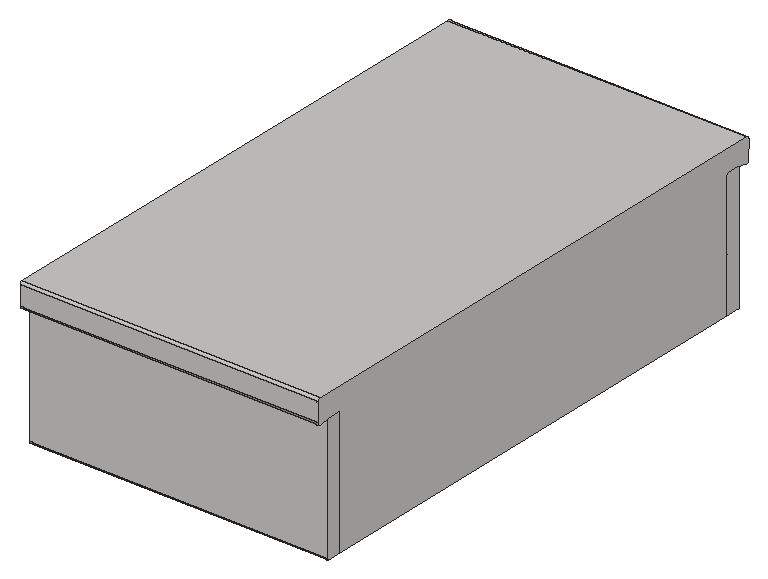
Revit family "QF_ELECTROLUXPROFESSIONAL_589158_MCNABAEOOO", category Specialty Equipment, Revit 2018
Family settings
  Round Connector Dimension = Use Diameter
  Part Type = Normal
  Work Plane-Based = No
  Always vertical = Yes
  Cut with Voids When Loaded = No
  Shared = No
  Room Calculation Point = No
Parameters
  Weight in Pounds = 50.7
  URL Cutsheet = "www.electrolux.com/professional"
  URL = "www.electrolux.com/professional"
  Type Mark [instance] = ""
  Status [instance] = ""
  Specification by User [instance] = ""
  Specification by Manufacturer = ""
  Serial Number = ""
  Seismic Rating = ""
  SMACNA No = ""
  Revision Code [instance] = ""
  Omniclass Number and Title = ""
  NAFEM Spec ID Number = ""
  Model = "589158"
  Masterspec = ""
  Manufacturer = "ELECTROLUX"
  Item Number [instance] = ""
  Installed By [instance] = ""
  Identify Quantity as Lot [instance] = yes
  Furnished By [instance] = ""
  Foodservice Equipment Identifier [instance] = yes
  Direct Waste Size = 0"
  Description = "WORK TOP,CLOSED,1-SIDE,500X900X250H"
  CSI MasterFormat = ""
  CSI Master Format = ""
Reference planes
  plane 1 "BACK": y = 0
  plane 2: z = 0
  plane 3 "LEFT": x = 0
  plane 4 "RIGHT": x = 500
  plane 5 "FRONT": y = -900
  plane 6 "TOP": z = 250
  plane 7 "Center Y": x = 250
  plane 8 "Center X": y = -450
Forms (mm)
  Extrusion 1, solid, material "QF_Finishes_Stainless Steel"
    sketch origin (0, 50.048, 0) x (0, 1, 0) y (0, 0, 1)
      loop
        line (-95.048, 213) -> (-71.412, 213) -> (-54.743, 210.061)
        arc (-54.743, 210.061) -> (-51.477, 210.936) -> (-50.048, 214) r 4
        line (-50.048, 214) -> (-50.048, 246)
        arc (-50.048, 246) -> (-51.22, 248.828) -> (-54.048, 250) r 4
        line (-54.048, 250) -> (-946.048, 250)
        arc (-946.048, 250) -> (-948.877, 248.828) -> (-950.048, 246) r 4
        line (-950.048, 246) -> (-950.048, 214)
        arc (-950.048, 214) -> (-948.619, 210.936) -> (-945.353, 210.061) r 4
        line (-945.353, 210.061) -> (-928.509, 213) -> (-905.048, 213) -> (-905.048, 0) -> (-95.048, 0) -> (-95.048, 213)
    from 0 to 500
  Extrusion 2, solid, material "QF_Finishes_Stainless Steel"
    sketch origin (0, 50.048, 0) x (0, 1, 0) y (0, 0, 1)
      loop
        arc (-928.048, 213) -> (-929.462, 212.414) -> (-930.048, 211) r 2
        line (-930.048, 211) -> (-930.048, 2)
        arc (-930.048, 2) -> (-929.462, 0.586) -> (-928.048, 0) r 2
        line (-928.048, 0) -> (-905.048, 0) -> (-905.048, 213) -> (-928.048, 213)
      loop
        line (-72.048, 213) -> (-95.048, 213) -> (-95.048, 0) -> (-72.048, 0)
        arc (-72.048, 0) -> (-70.634, 0.586) -> (-70.048, 2) r 2
        line (-70.048, 2) -> (-70.048, 211)
        arc (-70.048, 211) -> (-70.634, 212.414) -> (-72.048, 213) r 2
    from 0 to 500
Lines and regions (mm)
  symbolic lines
    curve 1: line (0, 0, 0) -> (500, 0, 0)
    curve 2: line (0, -900, 0) -> (0, 0, 0)
    curve 3: line (500, -900, 0) -> (0, -900, 0)
    curve 4: line (500, 0, 0) -> (500, -900, 0)
Dimensions and locks
  equal spacing: plane 3 "LEFT", plane 7 "Center Y", plane 4 "RIGHT"
  plane 3 "LEFT" to plane 4 "RIGHT" = 500.00 mm
  equal spacing: plane 5 "FRONT", plane 8 "Center X", plane 1 "BACK"
  plane 5 "FRONT" to plane 1 "BACK" = 900.00 mm
  plane 6 "TOP" to level = 250.00 mm
  aligned and locked: level to plane 2
  aligned and locked: Extrusion 1 to plane 4 "RIGHT"
  aligned and locked: Extrusion 2 to plane 4 "RIGHT"
Automatic sketch dimensions
  Extrusion 1 sketch curve to plane 6 "TOP" = 0.00 mm
  Extrusion 1 sketch curve to level = 0.00 mm
  Extrusion 1 sketch curve to plane 6 "TOP" = 36.00 mm
  plane 5 "FRONT" to Extrusion 1 sketch curve = 0.00 mm
  Extrusion 1 sketch curve to plane 6 "TOP" = 39.939 mm
  Extrusion 1 sketch curve to Extrusion 1 sketch curve = 4.00 mm
  Extrusion 1 sketch curve to Extrusion 1 sketch curve = 4.695 mm  (x2)
  Extrusion 1 sketch curve to Extrusion 1 sketch curve = 16.844 mm
  Extrusion 1 sketch curve to plane 5 "FRONT" = 45.00 mm
  plane 1 "BACK" to Extrusion 1 sketch curve = 45.00 mm
  Extrusion 1 sketch curve to Extrusion 1 sketch curve = 23.636 mm
  Extrusion 1 sketch curve to Extrusion 1 sketch curve = 17.364 mm
  Extrusion 1 sketch curve to Extrusion 1 sketch curve = 21.364 mm
  Extrusion 1 sketch curve to Extrusion 1 sketch curve = 0.00 mm  (x2)
  Extrusion 1 sketch curve to Extrusion 1 sketch curve = 0.695 mm
  Extrusion 1 sketch curve to plane 6 "TOP" = 37.00 mm  (x2)
  Extrusion 1 sketch curve to Extrusion 1 sketch curve = 1.00 mm
  Extrusion 2 sketch curve to level = 0.00 mm  (x2)
  level to Extrusion 2 sketch curve = 2.00 mm  (x2)
  Extrusion 2 sketch curve to plane 5 "FRONT" = 20.00 mm
  Extrusion 2 sketch curve to Extrusion 2 sketch curve = 2.00 mm
  Extrusion 2 sketch curve to Extrusion 2 sketch curve = 23.00 mm
  plane 1 "BACK" to Extrusion 2 sketch curve = 45.00 mm
  plane 1 "BACK" to Extrusion 2 sketch curve = 22.00 mm  (x2)
  Extrusion 2 sketch curve to plane 6 "TOP" = 39.00 mm  (x2)
  curve 3 to plane 3 "LEFT" = 0.00 mm
  curve 3 to plane 4 "RIGHT" = 0.00 mm
  plane 1 "BACK" to curve 2 = 0.00 mm
  curve 4 to plane 5 "FRONT" = 0.00 mm
